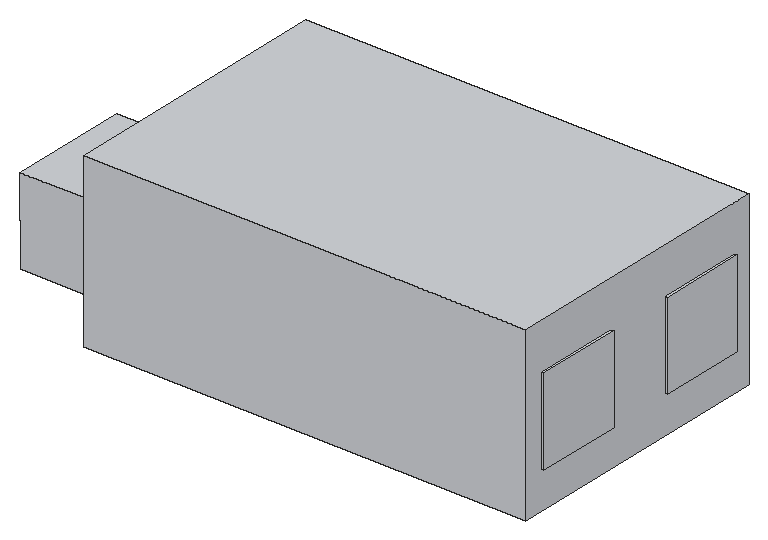
Revit family "Multi N DV5000N", category Generic Models, Revit 2013
Parameters
  Width mm = 2560 mm
  Warranty = "1 Year"
  Voltage Supply      Single Phase = "400v ac"
  Versatile positioning ,floor and ceiling susupended options = "Yes"
  Summer/Winter by-pass = "Yes"
  Summer By-pass = "Automatic 100%"
  Safety cut off switch Pressure sensors for filter monitoring = "Yes"
  Roof Top model = "Yes"
  Pre Heater = "option"
  Part number = "9041536"
  Model = "MULTI-N DV5000N"
  Meets Building regulations Pat L2A and L2B = "Yes"
  Max Air Volume  m3/hr = "5500"
  Lockable doors = "Yes"
  Interchangeable spigot connections = "Yes"
  Insulated Base Frame = "Yes"
  Humidity control (optional) = "Yes"
  Height mm = 990 mm
  Heat Recovery = "<95%"
  Heat Exchanger = "Cross Counterflow"
  Frequency = "50Hz"
  Filter maintenance reminder = "Yes"
  Electronic control panel with LCD display = "Yes"
  EC motor for fine speed control and low SFP = "Yes"
  Duct Connections = "4x500x500mm"
  Double skinned insulated casing avoids thermal bridging = "Yes"
  Depth mm = 2500 mm
  Control Standard = "BMS/Internet"
  Control Optional .. = "Temperature"
  Control Optional . = "Co2"
  Control Optional = "Humidity"
  Carbon dioxide control (optional) = "Yes"
  Balanced supply and extract air ventilation with heat recovery = "Yes"
  BREEAM applicable = "Yes"
  Anti frost protection = "option"
  Air Filters = "M5 and F19"
  After Heater = "option"
  10 speed digital control and BMS and Internet control = "Yes"
Reference planes
  plane 1 "Center (Front/Back)": y = 0
  plane 2: z = 0
  plane 3 "Center (Left/Right)": x = 0
  plane 4: x = 1280
  plane 5: x = -1280
  plane 6: y = 802.5
  plane 7: y = -802.5
  plane 8: z = 990
  plane 9: y = -697.5
  plane 10: z = 225
  plane 11: z = 725
  plane 12: x = 1175
  plane 13: x = 675
  plane 14: y = -197.5
  plane 15: y = 697.5
  plane 16: y = 197.5
  plane 17: x = -1700.178
  plane 18: y = -732.5
  plane 19: y = -382.5
  plane 20: x = -1215
  plane 21: x = -385
  plane 22: y = 1302.5
  plane 23: y = -32.5
  plane 24: y = 1327.5
  plane 25: z = 525
  plane 26: z = 775
  plane 27: y = 1017.5
  plane 28: through (4267.2, 1302.5, 525) normal (0, -0.6594, -0.7518)
Forms (mm)
  Extrusion 1, solid
    sketch origin (0, 0, 0) x (1, 0, 0) y (0, 1, 0)
      loop
        line (-1280, 802.5) -> (-1280, -802.5) -> (1280, -802.5) -> (1280, 802.5) -> (-1280, 802.5)
    from 990 to 0
  Extrusion 2, solid
    sketch origin (-1161.568, 292.5, 1200) x (1, 0, 0) y (0, 0, 1)
      loop
        line (2461.568, -475) -> (2441.568, -475) -> (2441.568, -975) -> (2461.568, -975) -> (2461.568, -475)
    from 990 to 490
  Extrusion 3, solid
    sketch origin (-1161.568, -292.5, 1200) x (1, 0, 0) y (0, 0, -1)
      loop
        line (2461.568, 475) -> (2461.568, 975) -> (2441.568, 975) -> (2441.568, 475) -> (2461.568, 475)
    from 990 to 490
  Extrusion 4, solid
    sketch origin (1161.568, 257.5, 1200) x (-1, 0, 0) y (0, 0, -1)
      loop
        line (2861.746, 475) -> (2861.746, 975) -> (2441.568, 975) -> (2441.568, 475) -> (2861.746, 475)
    from 990 to 290
  Extrusion 5, solid
    sketch origin (-3185, 802.5, 50) x (1, 0, 0) y (0, 0, -1)
      loop
        line (2745, -725) -> (2745, 50) -> (1955, 50) -> (1955, -725) -> (2745, -725)
    from 500 to 0
  Extrusion 6, void
    sketch origin (-1230, 802.5, 775) x (0, 0, 1) y (0, -1, 0)
      loop
        line (0, -215) -> (-250, -500) -> (0, -500) -> (0, -215)
    from 790 to 0
Cuts and joins
  Extrusion 6 cuts Extrusion 5
Dimensions and locks
  plane 5 to plane 3 "Center (Left/Right)" = 1280 mm
  plane 3 "Center (Left/Right)" to plane 4 = 1280 mm
  plane 6 to plane 1 "Center (Front/Back)" = 802.5 mm
  plane 7 to plane 1 "Center (Front/Back)" = 802.5 mm
  level to plane 8 = 990 mm
  plane 9 to plane 7 = 105 mm
  plane 14 to plane 9 = 500 mm
  plane 16 to plane 15 = 500 mm
  plane 15 to plane 6 = 105 mm
  plane 20 to plane 21 = 830 mm
  plane 22 to plane 6 = 500 mm
  plane 5 to plane 20 = 65 mm
  plane 7 to plane 18 = 70 mm
  plane 18 to plane 19 to plane 23 = 350 mm, 350 mm
  plane 6 to plane 22 = 500 mm
  Extrusion 5 to Extrusion 5 = 790 mm
  plane 8 to plane 26 = 215 mm
  plane 6 to plane 27 = 215 mm
  plane 25 to Extrusion 5 = 525 mm
  Extrusion 4 to Extrusion 4 = 500 mm
  aligned and locked: level to plane 2
